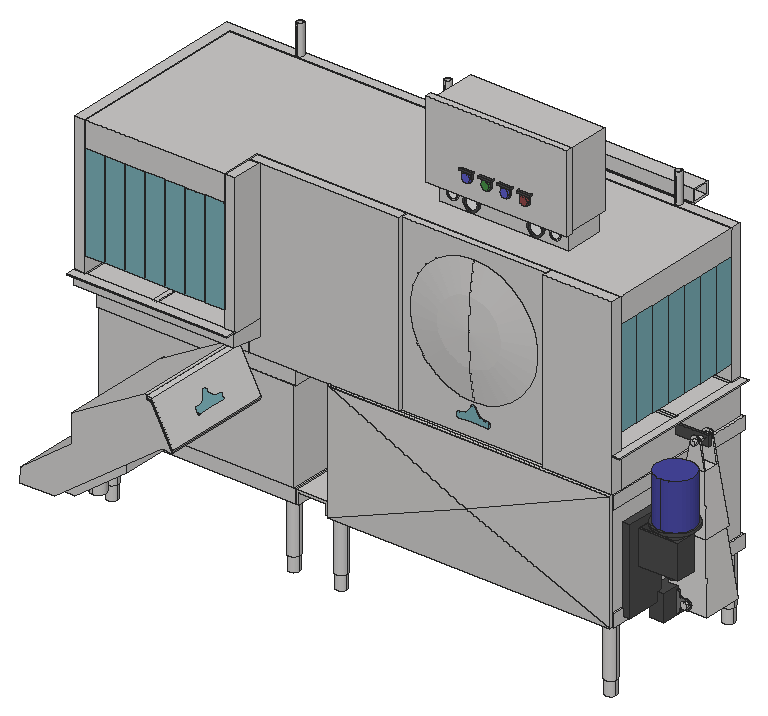
Revit family (continued)
Dimensions and locks (in)
  "Depth": plane 3 "BACK" to plane 54 "FRONT"
  locked: plane 55 to plane 54 "FRONT" at 1.5
  locked: plane 56 to plane 54 "FRONT" at 0.1875
  locked: plane 54 "FRONT" to plane 59 at 10
  locked: plane 54 "FRONT" to plane 57 at 3.0625
  locked: plane 58 to plane 57 at 3.875
  locked: plane 59 to plane 60 at 0.125
  locked: plane 50 "LEFT" to plane 61 at 1.625
  locked: plane 61 to plane 62 at 21.75
  locked: plane 62 to plane 63 at 1.625
  plane 6 "Front of 44" to plane 64 = 0' - 0 13/16"
  plane 65 to plane 64 = 1' - 5 3/16"
  locked: plane 50 "LEFT" to plane 68 at 10.125
  locked: plane 68 to plane 69 at 4
  plane 70 to plane 3 "BACK" = 0' - 3"
  locked: plane 70 to plane 71 at 29
  locked: plane 50 "LEFT" to plane 72 at 5.5
  Extrusion 65 sketch curve to plane 5 "RIGHT" = 2' - 4"
  locked: plane 73 to level at 8.5
  Extrusion 61 sketch curve to plane 5 "RIGHT" = 0' - 9"
  plane 50 "LEFT" to Extrusion 102 sketch curve = 1' - 0"
  plane 50 "LEFT" to Extrusion 101 sketch curve = 2' - 11"
  locked: plane 74 to plane 50 "LEFT" at 1
  equal spacing: plane 24, plane 23 "Door Center", plane 25
  locked: plane 24 to plane 75 at 0.25
  locked: plane 76 to plane 25 at 0.25
  locked: plane 23 "Door Center" to plane 78 at 0.0625
  locked: plane 79 to plane 23 "Door Center" at 0.0625
  locked: plane 23 "Door Center" to plane 77 at 1.4375
  locked: plane 80 to plane 23 "Door Center" at 1.4375
  plane 65 to plane 54 "FRONT" = 1' - 1 1/4"
  aligned and locked: level to plane 1
  aligned and locked: Extrusion 1 sketch curve to plane 18
  aligned and locked: Extrusion 1 sketch curve to plane 19
  aligned and locked: plane 20 to Extrusion 1 sketch curve
  aligned and locked: Extrusion 1 to plane 12 "Bottom of Machine"
  aligned and locked: plane 16 to Extrusion 1
  aligned and locked: plane 2 "Left of 44" to Extrusion 2 sketch curve
  aligned and locked: Extrusion 2 sketch curve to plane 5 "RIGHT"
  aligned and locked: plane 6 "Front of 44" to Extrusion 2 sketch curve
  aligned and locked: plane 3 "BACK" to Extrusion 2 sketch curve
  aligned: plane 15 "Panel Top" to Extrusion 2
  aligned and locked: Extrusion 2 to plane 16
  aligned and locked: plane 5 "RIGHT" to Extrusion 3 sketch curve
  aligned and locked: plane 6 "Front of 44" to Extrusion 3 sketch curve
  aligned and locked: plane 9 "Right of Ledge" to Extrusion 3 sketch curve
  aligned and locked: plane 3 "BACK" to Extrusion 3 sketch curve
  aligned and locked: plane 3 "BACK" to Extrusion 4 sketch curve
  aligned and locked: Extrusion 4 sketch curve to plane 22
  aligned: Extrusion 4 to plane 15 "Panel Top"
  aligned and locked: plane 3 "BACK" to Extrusion 5 sketch curve
  aligned and locked: plane 21 to Extrusion 5 sketch curve
  aligned and locked: Extrusion 6 sketch curve to plane 5 "RIGHT"
  aligned and locked: Extrusion 6 sketch curve to plane 22
  aligned and locked: Extrusion 6 sketch curve to plane 21
  aligned and locked: plane 3 "BACK" to Extrusion 7 sketch curve
  aligned and locked: plane 21 to Extrusion 7 sketch curve
  aligned and locked: Extrusion 7 sketch curve to plane 5 "RIGHT"
  aligned and locked: Extrusion 7 to plane 13 "Table Height"
  aligned and locked: Extrusion 6 to plane 26 "Top of Opening"
  aligned and locked: plane 2 "Left of 44" to Blend 8 sketch curve
  aligned and locked: plane 12 "Bottom of Machine" to Blend 8 sketch curve
  aligned and locked: Blend 8 sketch curve to plane 15 "Panel Top"
  aligned and locked: Blend 8 sketch curve to plane 5 "RIGHT"
  aligned and locked: plane 6 "Front of 44" to Extrusion 1 sketch curve
  aligned and locked: plane 2 "Left of 44" to Extrusion 9 sketch curve
  aligned and locked: Extrusion 9 sketch curve to plane 6 "Front of 44"
  aligned and locked: plane 17 to Extrusion 9 sketch curve
  aligned and locked: Extrusion 9 sketch curve to plane 5 "RIGHT"
  aligned and locked: Extrusion 9 to plane 12 "Bottom of Machine"
  aligned and locked: plane 15 "Panel Top" to Extrusion 9
  aligned and locked: plane 25 to Extrusion 10 sketch curve
  aligned and locked: Extrusion 10 sketch curve to plane 14 "Top of Machine"
  aligned and locked: Extrusion 10 sketch curve to plane 5 "RIGHT"
  aligned and locked: plane 15 "Panel Top" to Extrusion 10 sketch curve
  aligned and locked: Extrusion 10 to plane 22
  aligned and locked: Extrusion 11 sketch curve to plane 25
  aligned and locked: plane 22 to Extrusion 11 sketch curve
  aligned and locked: plane 24 to Extrusion 11 sketch curve
  aligned and locked: Extrusion 11 to plane 15 "Panel Top"
  aligned and locked: plane 27 to Extrusion 13
  aligned and locked: Extrusion 14 to plane 27
  aligned and locked: plane 12 "Bottom of Machine" to Extrusion 14
  aligned and locked: plane 22 to Extrusion 21 sketch curve
  aligned and locked: plane 5 "RIGHT" to Extrusion 21 sketch curve  (x7)
  aligned and locked: plane 21 to Extrusion 21 sketch curve
  aligned and locked: Extrusion 22 sketch curve to plane 33
  aligned and locked: plane 32 "Front of Lower Panel" to Extrusion 22 sketch curve
  aligned and locked: plane 28 to Extrusion 22 sketch curve
  aligned and locked: plane 29 to Extrusion 22 sketch curve
  aligned and locked: Extrusion 23 sketch curve to plane 35 "Back of Panel"
  aligned and locked: plane 34 to Extrusion 23 sketch curve
  aligned and locked: plane 37 to Extrusion 23 sketch curve
  aligned and locked: Extrusion 23 sketch curve to plane 38
  aligned and locked: Extrusion 24 sketch curve to plane 34
  aligned and locked: plane 36 "Front of Upper Panel" to Extrusion 24 sketch curve
  aligned and locked: plane 30 to Extrusion 24 sketch curve
  aligned and locked: Extrusion 24 sketch curve to plane 31
  aligned and locked: Extrusion 27 sketch curve to Extrusion 26  (x2)
  aligned and locked: Extrusion 28 sketch curve to Extrusion 25  (x2)
  aligned and locked: Extrusion 31 sketch curve to Extrusion 30  (x2)
  aligned and locked: Extrusion 32 sketch curve to Extrusion 29  (x2)
  aligned and locked: Extrusion 40 sketch curve to plane 14 "Top of Machine"
  aligned and locked: Extrusion 40 sketch curve to plane 6 "Front of 44"
  aligned and locked: plane 22 to Extrusion 40 sketch curve
  aligned and locked: plane 21 to Extrusion 40 sketch curve
  aligned and locked: plane 3 "BACK" to Extrusion 40 sketch curve
  aligned and locked: plane 6 "Front of 44" to Extrusion 41 sketch curve
  aligned and locked: Extrusion 41 sketch curve to plane 14 "Top of Machine"
  aligned and locked: plane 3 "BACK" to Extrusion 41 sketch curve
  aligned and locked: plane 21 to Extrusion 41 sketch curve
  aligned and locked: plane 26 "Top of Opening" to Extrusion 41 sketch curve
  aligned and locked: plane 22 to Extrusion 41 sketch curve
  aligned and locked: Extrusion 41 to plane 39
  aligned and locked: plane 39 to Extrusion 40
  aligned and locked: Extrusion 42 sketch curve to plane 11
  aligned and locked: plane 40 to Extrusion 42 sketch curve
  aligned and locked: plane 41 to Extrusion 42 sketch curve
  aligned and locked: Extrusion 42 sketch curve to plane 42
  aligned and locked: Extrusion 43 sketch curve to Extrusion 42  (x4)
  aligned and locked: Extrusion 47 sketch curve to Extrusion 45
  aligned and locked: Blend 48 sketch curve to Extrusion 47  (x2)
  aligned and locked: Extrusion 57 sketch curve to Extrusion 55  (x2)
  aligned and locked: Extrusion 44 to plane 5 "RIGHT"
  aligned and locked: Extrusion 51 to plane 5 "RIGHT"
  aligned: nested 1 to cut or joined group of Extrusion 40, Extrusion 43
  aligned and locked: plane 11 to nested 1
  aligned and locked: plane 40 to nested 1
  aligned and locked: plane 42 to nested 1
  aligned and locked: nested 1 to plane 41
  aligned and locked: Extrusion 62 to plane 44
  aligned and locked: Extrusion 62 to plane 45
  aligned and locked: Extrusion 63 to plane 45
  aligned and locked: Extrusion 63 to plane 44
  aligned and locked: plane 3 "BACK" to curve 1
  aligned and locked: curve 3 to plane 5 "RIGHT"
  aligned and locked: plane 6 "Front of 44" to curve 2
  aligned and locked: curve 5 to plane 10 "Right End Cowl"
  aligned and locked: plane 44 to curve 7
  aligned and locked: plane 45 to curve 9
  aligned and locked: curve 8 to plane 46
  aligned and locked: plane 9 "Right of Ledge" to curve 10
  aligned and locked: curve 11 to plane 35 "Back of Panel"
  aligned and locked: plane 34 to curve 13
  aligned and locked: plane 37 to curve 12
  aligned and locked: curve 14 to plane 38
  aligned and locked: plane 30 to curve 18
  aligned and locked: plane 36 "Front of Upper Panel" to curve 17
  aligned and locked: curve 16 to plane 31
  aligned and locked: plane 42 to curve 22
  aligned and locked: curve 23 to plane 40
  aligned and locked: plane 11 to curve 21
  aligned and locked: curve 20 to plane 41
  aligned and locked: Extrusion 66 sketch curve to plane 18  (x2)
  aligned and locked: plane 48 to Extrusion 66 sketch curve
  aligned and locked: plane 45 to Extrusion 66 sketch curve
  aligned and locked: Extrusion 66 sketch curve to plane 46
  aligned and locked: plane 44 to Extrusion 66 sketch curve
  aligned: plane 43 "Top of Vents" to Extrusion 66
  aligned and locked: plane 4 "TOP" to Extrusion 66
  aligned and locked: plane 14 "Top of Machine" to Extrusion 67 sketch curve
  aligned and locked: Extrusion 67 sketch curve to plane 25
  aligned and locked: plane 24 to Extrusion 67 sketch curve
  aligned and locked: Extrusion 67 sketch curve to plane 49
  aligned and locked: Extrusion 67 to plane 22
  aligned and locked: Extrusion 66 sketch curve to plane 9 "Right of Ledge"
  aligned and locked: Extrusion 68 sketch curve to plane 48
  aligned and locked: Extrusion 68 sketch curve to plane 9 "Right of Ledge"
  aligned and locked: plane 18 to Extrusion 68 sketch curve
  aligned and locked: Extrusion 68 sketch curve to plane 10 "Right End Cowl"
  aligned and locked: plane 4 "TOP" to Extrusion 68
  aligned and locked: curve 26 to plane 10 "Right End Cowl"
  aligned and locked: curve 25 to plane 48
  aligned and locked: Extrusion 4 sketch curve to plane 5 "RIGHT"
  aligned and locked: Extrusion 5 sketch curve to plane 5 "RIGHT"  (x2)
  aligned and locked: plane 52 to Extrusion 76 sketch curve
  aligned and locked: plane 50 "LEFT" to Extrusion 76 sketch curve
  aligned and locked: plane 54 "FRONT" to Extrusion 7 sketch curve
  aligned and locked: plane 50 "LEFT" to Extrusion 7 sketch curve
  aligned and locked: Extrusion 7 sketch curve to plane 61
  aligned and locked: plane 50 "LEFT" to Extrusion 4 sketch curve
  aligned and locked: plane 50 "LEFT" to Extrusion 5 sketch curve
  aligned and locked: plane 61 to Extrusion 5 sketch curve
  aligned and locked: Extrusion 5 sketch curve to plane 54 "FRONT"
  aligned: Extrusion 4 sketch curve to plane 42
  aligned and locked: Extrusion 79 sketch curve to plane 24
  aligned and locked: plane 6 "Front of 44" to Extrusion 79 sketch curve
  aligned and locked: plane 22 to Extrusion 79 sketch curve
  aligned and locked: plane 62 to Extrusion 79 sketch curve
  aligned and locked: plane 54 "FRONT" to Extrusion 80 sketch curve
  aligned and locked: Extrusion 80 sketch curve to plane 63
  aligned and locked: plane 62 to Extrusion 80 sketch curve
  aligned and locked: Extrusion 80 sketch curve to plane 6 "Front of 44"
  aligned and locked: plane 62 to Extrusion 6 sketch curve
  aligned and locked: Extrusion 6 sketch curve to plane 54 "FRONT"
  aligned and locked: plane 67 to Extrusion 90 sketch curve
  aligned and locked: plane 68 to Extrusion 90 sketch curve
  aligned and locked: Extrusion 90 sketch curve to plane 66
  aligned and locked: Extrusion 90 sketch curve to plane 69
  aligned and locked: plane 64 to Extrusion 90
  aligned and locked: Extrusion 95 sketch curve to Extrusion 65  (x2)
  aligned and locked: Extrusion 97 sketch curve to Extrusion 96  (x2)
  aligned and locked: plane 54 "FRONT" to Extrusion 103 sketch curve
  aligned and locked: plane 74 to Extrusion 103 sketch curve
  aligned and locked: Extrusion 103 sketch curve to plane 51
  aligned and locked: Extrusion 103 sketch curve to plane 18
  aligned and locked: plane 75 to Extrusion 106 sketch curve
  aligned and locked: Extrusion 106 sketch curve to plane 79
  aligned and locked: plane 22 to Extrusion 106 sketch curve
  aligned and locked: plane 6 "Front of 44" to Extrusion 106 sketch curve
  aligned and locked: plane 6 "Front of 44" to Extrusion 107 sketch curve
  aligned and locked: Extrusion 107 sketch curve to plane 76
  aligned and locked: plane 22 to Extrusion 107 sketch curve
  aligned and locked: plane 78 to Extrusion 107 sketch curve
  aligned and locked: Extrusion 106 to plane 15 "Panel Top"
  aligned and locked: Extrusion 107 to plane 15 "Panel Top"
  aligned and locked: curve 59 to plane 24
  aligned and locked: curve 61 to plane 25
Automatic sketch dimensions
  Extrusion 4 sketch curve to plane 6 "Front of 44" = 0' - 0"
  Extrusion 4 sketch curve to plane 62 = 0' - 0"
  Extrusion 5 sketch curve to Extrusion 5 sketch curve = 0' - 0"  (x2)
  Extrusion 5 sketch curve to plane 54 "FRONT" = 0' - 0"
  plane 32 "Front of Lower Panel" to Extrusion 5 sketch curve = 0' - 2 3/4"
  Extrusion 5 sketch curve to plane 33 = 0' - 0 1/4"
  plane 33 to Extrusion 5 sketch curve = 0' - 0 1/4"
  Extrusion 5 sketch curve to plane 69 = 0' - 1 5/8"
  Extrusion 6 sketch curve to plane 61 = 0' - 0"
  Blend 8 sketch curve to plane 66 = 0' - 0 1/32"
  plane 66 to Blend 8 sketch curve = 0' - 0 1/32"
  Extrusion 25 sketch curve to Extrusion 25 sketch curve = 0' - 0"  (x2)
  Extrusion 26 sketch curve to Extrusion 26 sketch curve = 0' - 0"  (x2)
  Extrusion 29 sketch curve to Extrusion 29 sketch curve = 0' - 0"  (x2)
  Extrusion 30 sketch curve to Extrusion 30 sketch curve = 0' - 0"  (x2)
  Extrusion 33 sketch curve to Extrusion 33 sketch curve = 0' - 2"  (x3)
  Extrusion 33 sketch curve to Extrusion 33 sketch curve = 0' - 1"  (x2)
  Extrusion 33 sketch curve to plane 23 "Door Center" = 0' - 0 1/2"
  plane 23 "Door Center" to Extrusion 33 sketch curve = 0' - 0 1/2"
  plane 43 "Top of Vents" to Extrusion 33 sketch curve = 0' - 3"
  Extrusion 33 sketch curve to Extrusion 33 sketch curve = 0' - 0 1/4"  (x5)
  Extrusion 33 sketch curve to Extrusion 33 sketch curve = 0' - 0"
  Extrusion 38 sketch curve to Extrusion 38 sketch curve = 0' - 0 3/4"  (x4)
  Extrusion 38 sketch curve to Extrusion 38 sketch curve = 0' - 1 1/2"  (x2)
  plane 23 "Door Center" to Extrusion 38 sketch curve = 0' - 0 3/4"
  plane 43 "Top of Vents" to Extrusion 38 sketch curve = 0' - 1 7/8"  (x2)
  Extrusion 38 sketch curve to Extrusion 38 sketch curve = 0' - 0"
  Extrusion 38 sketch curve to Extrusion 38 sketch curve = 0' - 0 7/8"  (x4)
  Extrusion 42 sketch curve to plane 42 = 0' - 0 1/8"
  plane 41 to Extrusion 42 sketch curve = 0' - 0 1/8"
  Extrusion 42 sketch curve to plane 11 = 0' - 0 1/8"
  plane 40 to Extrusion 42 sketch curve = 0' - 0 1/8"
  Extrusion 46 sketch curve to plane 36 "Front of Upper Panel" = 0' - 0 3/16"
  Blend 48 sketch curve to plane 36 "Front of Upper Panel" = 0' - 0 3/16"
  Extrusion 49 sketch curve to plane 36 "Front of Upper Panel" = 0' - 0 3/16"
  Extrusion 50 sketch curve to plane 36 "Front of Upper Panel" = 0' - 0 3/16"
  Blend 58 sketch curve to plane 9 "Right of Ledge" = 0' - 0 5/16"
  Blend 58 sketch curve to plane 33 = 0' - 2 1/4"
  plane 35 "Back of Panel" to Blend 58 sketch curve = 0' - 1 3/4"
  Blend 58 sketch curve to plane 40 = 0' - 0 1/4"
  Blend 58 sketch curve to plane 11 = 0' - 0 1/4"
  Blend 58 sketch curve to plane 33 = 0' - 1 1/4"
  plane 35 "Back of Panel" to Blend 58 sketch curve = 0' - 0 3/4"
  Blend 58 sketch curve to plane 40 = 0' - 1 1/4"
  plane 40 to Blend 59 sketch curve = 0' - 0 1/2"
  plane 32 "Front of Lower Panel" to Blend 59 sketch curve = 0' - 3"
  plane 35 "Back of Panel" to Blend 59 sketch curve = 0' - 2 1/2"
  plane 9 "Right of Ledge" to Blend 59 sketch curve = 0' - 0 7/16"
  Blend 59 sketch curve to plane 9 "Right of Ledge" = 0' - 0 9/16"
  Blend 59 sketch curve to plane 33 = 0' - 2"
  plane 35 "Back of Panel" to Blend 59 sketch curve = 0' - 1 1/2"
  Blend 59 sketch curve to plane 40 = 0' - 0 1/2"
  Extrusion 62 sketch curve to plane 47 = 0' - 0"
  Extrusion 62 sketch curve to plane 14 "Top of Machine" = 0' - 0"
  Extrusion 62 sketch curve to plane 46 = 0' - 0"
  Extrusion 62 sketch curve to plane 46 = 0' - 0 1/8"
  Extrusion 62 sketch curve to plane 18 = 0' - 0 1/8"
  Extrusion 62 sketch curve to Extrusion 62 sketch curve = 0' - 0 1/8"
  plane 14 "Top of Machine" to Extrusion 62 sketch curve = 0' - 0 1/8"
  Extrusion 62 sketch curve to plane 47 = 0' - 0 1/8"
  Extrusion 63 sketch curve to plane 3 "BACK" = 0' - 0"
  Extrusion 63 sketch curve to plane 14 "Top of Machine" = 0' - 0"
  Extrusion 63 sketch curve to plane 3 "BACK" = 0' - 0 1/4"
  Extrusion 63 sketch curve to Extrusion 63 sketch curve = 0' - 0 1/8"
  Extrusion 66 sketch curve to plane 74 = 0' - 0"
  Extrusion 69 sketch curve to plane 54 "FRONT" = 0' - 0"
  Extrusion 69 sketch curve to plane 63 = 0' - 0"
  Extrusion 69 sketch curve to plane 50 "LEFT" = 0' - 0"
  plane 55 to Extrusion 69 sketch curve = 0' - 0"
  plane 57 to Extrusion 72 sketch curve = 0' - 0"
  plane 58 to Extrusion 72 sketch curve = 0' - 0"
  Extrusion 72 sketch curve to plane 63 = 0' - 0 1/16"
  Extrusion 72 sketch curve to Extrusion 72 sketch curve = 0' - 0 1/8"
  plane 50 "LEFT" to Extrusion 72 sketch curve = 0' - 0 3/16"
  plane 50 "LEFT" to Extrusion 72 sketch curve = 0' - 0 1/16"
  plane 57 to Extrusion 72 sketch curve = 0' - 0 1/8"
  Extrusion 72 sketch curve to plane 58 = 0' - 0 1/8"
  Extrusion 73 sketch curve to plane 6 "Front of 44" = 0' - 0"
  Extrusion 73 sketch curve to plane 18 = 0' - 0"
  Extrusion 73 sketch curve to plane 20 = 0' - 0"
  Extrusion 73 sketch curve to plane 19 = 0' - 0"
  Extrusion 74 sketch curve to plane 6 "Front of 44" = 0' - 0"
  Extrusion 74 sketch curve to plane 18 = 0' - 0"
  Extrusion 74 sketch curve to plane 53 = 0' - 0"
  Extrusion 74 sketch curve to plane 51 = 0' - 0"
  Extrusion 75 sketch curve to plane 6 "Front of 44" = 0' - 0"
  Extrusion 75 sketch curve to plane 18 = 0' - 0"
  Extrusion 75 sketch curve to plane 53 = 0' - 0"
  Extrusion 75 sketch curve to plane 51 = 0' - 0"
  Extrusion 76 sketch curve to plane 6 "Front of 44" = 0' - 0"
  plane 3 "BACK" to Extrusion 76 sketch curve = 0' - 0"
  Extrusion 77 sketch curve to plane 54 "FRONT" = 0' - 0"  (x7)
  Extrusion 77 sketch curve to plane 62 = 0' - 0"
  Extrusion 77 sketch curve to plane 69 = 0' - 0"
  Extrusion 77 sketch curve to plane 61 = 0' - 0"
  plane 62 to Extrusion 77 sketch curve = 0' - 3"
  Extrusion 77 sketch curve to Extrusion 77 sketch curve = 0' - 0 1/8"  (x8)
  Extrusion 77 sketch curve to Extrusion 77 sketch curve = 0' - 3"
  Extrusion 77 sketch curve to plane 54 "FRONT" = 0' - 0 1/8"  (x3)
  plane 68 to Extrusion 77 sketch curve = 0' - 0 7/8"
  Extrusion 77 sketch curve to plane 68 = 0' - 2 1/4"
  plane 72 to Extrusion 77 sketch curve = 0' - 0 3/4"
  Extrusion 77 sketch curve to Extrusion 77 sketch curve = 0' - 0"  (x2)
  plane 52 to Extrusion 81 sketch curve = 0' - 0 3/4"
  plane 21 to Extrusion 81 sketch curve = 0' - 0 5/8"
  plane 52 to Extrusion 82 sketch curve = 0' - 0 3/4"
  plane 21 to Extrusion 82 sketch curve = 0' - 0 5/8"
  Extrusion 85 sketch curve to plane 61 = 0' - 0 3/8"
  plane 21 to Extrusion 85 sketch curve = 0' - 0 5/8"
  Extrusion 86 sketch curve to plane 61 = 0' - 0 3/8"
  plane 21 to Extrusion 86 sketch curve = 0' - 0 5/8"
  plane 71 to Extrusion 94 sketch curve = 0' - 0.19589"
  Extrusion 94 sketch curve to plane 71 = 0' - 0.05553"
  Extrusion 94 sketch curve to plane 71 = 0' - 0.05894"
  Extrusion 94 sketch curve to plane 71 = 0' - 0.35898"
  plane 57 to Extrusion 94 sketch curve = 0' - 0.87828"
  plane 57 to Extrusion 94 sketch curve = 0' - 1.06985"
  Extrusion 94 sketch curve to Extrusion 94 sketch curve = 0' - 0.41934"
  plane 57 to Extrusion 94 sketch curve = 0' - 1.48954"
  Extrusion 94 sketch curve to Extrusion 94 sketch curve = 0' - 0.42496"
  Extrusion 94 sketch curve to Extrusion 94 sketch curve = 0' - 0"  (x2)
  Extrusion 94 sketch curve to Extrusion 94 sketch curve = 0' - 1.22253"
  Extrusion 94 sketch curve to plane 58 = 0' - 0.44239"
  Extrusion 94 sketch curve to plane 58 = 0' - 0.14236"
  Extrusion 94 sketch curve to plane 58 = 0' - 0.13895"
  plane 58 to Extrusion 94 sketch curve = 0' - 0.11247"
  Extrusion 94 sketch curve to Extrusion 94 sketch curve = 0' - 11.90119"
  Extrusion 94 sketch curve to Extrusion 94 sketch curve = 0' - 0.08323"
  Extrusion 94 sketch curve to Extrusion 94 sketch curve = 0' - 0.48493"  (x2)
  Extrusion 94 sketch curve to Extrusion 94 sketch curve = 0' - 1.96861"
  Extrusion 96 sketch curve to Extrusion 96 sketch curve = 0' - 0"  (x2)
  Extrusion 96 sketch curve to plane 71 = 0' - 0"
  Extrusion 96 sketch curve to plane 72 = 0' - 0"
  Extrusion 98 sketch curve to Extrusion 98 sketch curve = 0' - 0"  (x2)
  Extrusion 98 sketch curve to plane 72 = 0' - 0"
  Extrusion 98 sketch curve to plane 73 = 0' - 0"
  Extrusion 99 sketch curve to Extrusion 99 sketch curve = 0' - 0"  (x2)
  Extrusion 99 sketch curve to plane 70 = 0' - 0"
  Extrusion 99 sketch curve to plane 73 = 0' - 0"
  Extrusion 100 sketch curve to plane 70 = 0' - 0"
  Extrusion 100 sketch curve to plane 73 = 0' - 0"
  Extrusion 101 sketch curve to Extrusion 101 sketch curve = 0' - 0"  (x2)
  Extrusion 101 sketch curve to plane 41 = 0' - 0 11/16"
  Extrusion 102 sketch curve to Extrusion 102 sketch curve = 0' - 0"  (x2)
  Extrusion 102 sketch curve to plane 41 = 0' - 0 11/16"
  plane 59 to Extrusion 104 sketch curve = 0' - 0"
  Extrusion 104 sketch curve to plane 74 = 0' - 0"
  Extrusion 104 sketch curve to plane 51 = 0' - 0"
  Extrusion 104 sketch curve to plane 35 "Back of Panel" = 1' - 5 3/4"
  plane 59 to curve 29 = 0' - 0"
  plane 58 to curve 32 = 0' - 0"
  plane 57 to curve 33 = 0' - 0"
  curve 29 to plane 63 = 0' - 0"
  curve 27 to plane 50 "LEFT" = 0' - 0"
  curve 27 to plane 54 "FRONT" = 0' - 0"
  curve 5 to plane 6 "Front of 44" = 0' - 0"
  plane 3 "BACK" to curve 10 = 0' - 0"
  curve 2 to plane 63 = 0' - 0"
  curve 1 to plane 50 "LEFT" = 0' - 0"
  plane 56 to curve 29 = 0' - 0 1/16"
  curve 32 to plane 63 = 0' - 0 1/16"
  plane 50 "LEFT" to curve 30 = 0' - 0 1/16"
  Extrusion 105 sketch curve to plane 58 = 0' - 0 1/8"
  plane 57 to Extrusion 105 sketch curve = 0' - 0 1/8"
  Extrusion 105 sketch curve to plane 63 = 0' - 0 3/16"
  plane 50 "LEFT" to Extrusion 105 sketch curve = 0' - 0 3/16"
  Extrusion 110 sketch curve to plane 24 = 0' - 0.00995"
  Extrusion 110 sketch curve to plane 6 "Front of 44" = 0' - 0.24744"
  Extrusion 111 sketch curve to plane 24 = 0' - 0.00995"
  Extrusion 111 sketch curve to plane 6 "Front of 44" = 0' - 0.24744"
  Extrusion 112 sketch curve to plane 25 = 0' - 0.00995"
  Extrusion 112 sketch curve to plane 6 "Front of 44" = 0' - 0.24744"
  Extrusion 113 sketch curve to plane 25 = 0' - 0.00995"
  Extrusion 113 sketch curve to plane 6 "Front of 44" = 0' - 0.24744"
  curve 61 to plane 6 "Front of 44" = 0' - 0"
  curve 59 to plane 6 "Front of 44" = 0' - 0"
  curve 62 to plane 6 "Front of 44" = 0' - 0.00464"
  curve 60 to curve 59 = 0' - 0.00464"
  plane 65 to curve 62 = 0' - 0 1/8"
  plane 65 to curve 60 = 0' - 0 1/8"
  curve 24 to plane 74 = 0' - 0"
  plane 3 "BACK" to curve 36 = 0' - 0"
  curve 36 to plane 50 "LEFT" = 0' - 0"
  plane 65 to curve 46 = 0' - 0"
  plane 57 to curve 44 = 0' - 0"
  plane 59 to curve 45 = 0' - 0"
  plane 59 to curve 49 = 0' - 0"
  plane 57 to curve 50 = 0' - 0"
  plane 55 to curve 37 = 0' - 0"
  curve 37 to plane 63 = 0' - 0"
  plane 64 to curve 47 = 0' - 0"
  plane 22 to curve 40 = 0' - 0"
  curve 40 to plane 24 = 0' - 0"
  curve 43 to plane 25 = 0' - 0"
  curve 25 to plane 9 "Right of Ledge" = 0' - 0"
  plane 59 to curve 35 = 0' - 0"
  curve 38 to plane 54 "FRONT" = 0' - 0"
  curve 35 to plane 54 "FRONT" = 0' - 0"
  curve 37 to plane 6 "Front of 44" = 0' - 0"
  curve 40 to plane 6 "Front of 44" = 0' - 0"
  curve 42 to plane 6 "Front of 44" = 0' - 0"
  curve 26 to plane 18 = 0' - 0"
  plane 61 to curve 46 = 0' - 0 1/2"
  curve 49 to plane 62 = 0' - 1.59828"
  plane 63 to curve 46 = 0' - 0.92367"
  plane 42 to curve 43 = 0' - 0 7/16"
  Revolve 12 sketch curve to plane 17 = 0' - 0"
  Revolve 12 sketch curve to plane 58 = 0' - 0 7/16"
  plane 42 to Revolve 12 sketch curve = 0' - 0 7/16"
  plane 32 "Front of Lower Panel" to Revolve 12 sketch curve = 0' - 2 3/4"
  Revolve 12 sketch curve to plane 26 "Top of Opening" = 0' - 7.74993"
  plane 48 to Revolve 12 sketch curve = 1' - 5.49935"
  Revolve 12 sketch curve to plane 26 "Top of Opening" = 0' - 8"  (x2)
  Extrusion 21 sketch curve to plane 36 "Front of Upper Panel" = 0' - 0 3/8"
  Extrusion 21 sketch curve to Extrusion 21 sketch curve = 0' - 0 1/8"  (x10)
  plane 32 "Front of Lower Panel" to Extrusion 21 sketch curve = 0' - 1 1/4"
  Extrusion 21 sketch curve to plane 33 = 0' - 1 5/8"
  Extrusion 21 sketch curve to plane 5 "RIGHT" = 0' - 0 1/8"  (x3)
  plane 35 "Back of Panel" to Extrusion 21 sketch curve = 0' - 1"
  Extrusion 21 sketch curve to Extrusion 21 sketch curve = 0' - 3"
  Extrusion 21 sketch curve to plane 70 = 0' - 1 3/4"
  Extrusion 39 sketch curve to plane 23 "Door Center" = 0' - 0"
  plane 23 "Door Center" to Extrusion 39 sketch curve = 0' - 0.00035"
  plane 78 to Extrusion 39 sketch curve = 0' - 0.35719"
  plane 78 to Extrusion 39 sketch curve = 0' - 0.54876"
  plane 77 to Extrusion 39 sketch curve = 0' - 0.50556"
  plane 77 to Extrusion 39 sketch curve = 0' - 0.8056"
  Extrusion 39 sketch curve to Extrusion 39 sketch curve = 0' - 0.00341"  (x2)
  Extrusion 39 sketch curve to Extrusion 39 sketch curve = 0' - 0.25142"  (x2)
  Extrusion 39 sketch curve to plane 23 "Door Center" = 0' - 0.42461"
  Extrusion 39 sketch curve to Extrusion 39 sketch curve = 0' - 0"
  Extrusion 39 sketch curve to plane 79 = 0' - 0.54876"
  Extrusion 39 sketch curve to plane 80 = 0' - 0.50556"
  Extrusion 39 sketch curve to plane 80 = 0' - 0.8056"
  Extrusion 39 sketch curve to plane 13 "Table Height" = 0' - 2.43574"  (x2)
  Extrusion 39 sketch curve to Extrusion 39 sketch curve = 0' - 0.48493"  (x2)
  Extrusion 39 sketch curve to Extrusion 39 sketch curve = 0' - 0.08323"
  Extrusion 39 sketch curve to plane 66 = 0' - 0.5781"
  Extrusion 40 sketch curve to plane 41 = 0' - 0 1/16"
  plane 42 to Extrusion 40 sketch curve = 0' - 0 1/16"
  Extrusion 40 sketch curve to plane 14 "Top of Machine" = 0' - 0 1/8"
  Extrusion 40 sketch curve to plane 26 "Top of Opening" = 0' - 0.88572"
  Extrusion 40 sketch curve to Extrusion 40 sketch curve = 0' - 0.05178"  (x2)
  Extrusion 40 sketch curve to Extrusion 40 sketch curve = 0' - 1 1/2"  (x2)
  Extrusion 40 sketch curve to Extrusion 40 sketch curve = 0' - 0.17678"  (x2)
  plane 13 "Table Height" to Extrusion 40 sketch curve = 0' - 5.17678"
  Extrusion 41 sketch curve to plane 26 "Top of Opening" = 0' - 0 15/16"
  Extrusion 41 sketch curve to Extrusion 41 sketch curve = 0' - 1 5/8"  (x2)
  plane 13 "Table Height" to Extrusion 41 sketch curve = 0' - 5 1/8"
  plane 20 to Extrusion 44 sketch curve = 0' - 0"
  Extrusion 44 sketch curve to plane 5 "RIGHT" = 0' - 0"
  Extrusion 44 sketch curve to plane 16 = 0' - 0"
  plane 12 "Bottom of Machine" to Extrusion 44 sketch curve = 0' - 0 15/16"
  plane 67 to Extrusion 44 sketch curve = 0' - 0 11/16"
  Extrusion 45 sketch curve to plane 22 = 0' - 1 5/8"
  Extrusion 45 sketch curve to plane 40 = 0' - 0 11/16"
  Extrusion 45 sketch curve to plane 36 "Front of Upper Panel" = 0' - 1 1/2"
  Extrusion 45 sketch curve to plane 36 "Front of Upper Panel" = 0' - 0 3/16"
  Extrusion 45 sketch curve to plane 32 "Front of Lower Panel" = 0' - 0 1/8"
  Extrusion 45 sketch curve to Extrusion 45 sketch curve = 0' - 0 1/4"
  Extrusion 51 sketch curve to plane 5 "RIGHT" = 0' - 0"
  plane 11 to Extrusion 51 sketch curve = 0' - 1 3/16"
  Extrusion 51 sketch curve to plane 40 = 0' - 1 7/16"
  Extrusion 51 sketch curve to plane 13 "Table Height" = 0' - 2 5/16"
  Extrusion 51 sketch curve to Extrusion 51 sketch curve = 0' - 0 3/4"
  Extrusion 51 sketch curve to plane 13 "Table Height" = 0' - 0 13/16"
  Extrusion 52 sketch curve to plane 16 = 0' - 0"
  plane 20 to Extrusion 52 sketch curve = 0' - 0"
  Extrusion 52 sketch curve to plane 5 "RIGHT" = 0' - 0"
  Extrusion 52 sketch curve to plane 11 = 0' - 0 5/16"
  Extrusion 52 sketch curve to plane 73 = 0' - 0 1/16"
  plane 16 to Extrusion 52 sketch curve = 0' - 0 7/16"
  Extrusion 53 sketch curve to Extrusion 53 sketch curve = 0' - 0"  (x2)
  plane 12 "Bottom of Machine" to Extrusion 53 sketch curve = 0' - 0 7/16"
  plane 11 to Extrusion 53 sketch curve = 0' - 1 3/16"
  plane 11 to Extrusion 53 sketch curve = 0' - 0 9/16"  (x2)
  Extrusion 53 sketch curve to plane 12 "Bottom of Machine" = 0' - 0 5/16"
  plane 11 to Extrusion 53 sketch curve = 0' - 0 3/16"  (x2)
  Extrusion 53 sketch curve to plane 11 = 0' - 0 1/16"  (x2)
  Extrusion 53 sketch curve to Extrusion 53 sketch curve = 0' - 0 1/4"
  Extrusion 53 sketch curve to Extrusion 53 sketch curve = 0' - 0 5/16"
  Extrusion 53 sketch curve to plane 16 = 0' - 0 1/8"
  Extrusion 54 sketch curve to Extrusion 54 sketch curve = 0' - 0"  (x2)
  plane 12 "Bottom of Machine" to Extrusion 54 sketch curve = 0' - 0 7/16"
  plane 11 to Extrusion 54 sketch curve = 0' - 1 3/16"
  plane 11 to Extrusion 54 sketch curve = 0' - 0 9/16"  (x2)
  Extrusion 54 sketch curve to plane 12 "Bottom of Machine" = 0' - 0 5/16"
  plane 11 to Extrusion 54 sketch curve = 0' - 0 3/16"  (x2)
  Extrusion 54 sketch curve to plane 11 = 0' - 0 1/16"  (x2)
  Extrusion 54 sketch curve to Extrusion 54 sketch curve = 0' - 0 1/4"
  Extrusion 54 sketch curve to Extrusion 54 sketch curve = 0' - 0 5/16"
  Extrusion 54 sketch curve to plane 16 = 0' - 0 1/8"
  Extrusion 55 sketch curve to Extrusion 55 sketch curve = 0' - 0"  (x6)
  plane 15 "Panel Top" to Extrusion 55 sketch curve = 0' - 0 3/16"
  Extrusion 55 sketch curve to plane 40 = 0' - 1 1/4"
  plane 11 to Extrusion 55 sketch curve = 0' - 1.92562"
  Extrusion 55 sketch curve to Extrusion 55 sketch curve = 0' - 0.36312"  (x2)
  Extrusion 55 sketch curve to Extrusion 55 sketch curve = 0' - 0 3/8"
  Extrusion 55 sketch curve to plane 11 = 0' - 0 1/4"
  Extrusion 55 sketch curve to plane 13 "Table Height" = 0' - 1 9/16"
  Extrusion 55 sketch curve to Extrusion 55 sketch curve = 0' - 0.13295"
  Extrusion 56 sketch curve to Extrusion 56 sketch curve = 0' - 0"  (x6)
  plane 15 "Panel Top" to Extrusion 56 sketch curve = 0' - 0 3/16"
  Extrusion 56 sketch curve to plane 40 = 0' - 1 1/4"
  plane 11 to Extrusion 56 sketch curve = 0' - 1.92562"
  Extrusion 56 sketch curve to Extrusion 56 sketch curve = 0' - 0.36312"  (x2)
  Extrusion 56 sketch curve to Extrusion 56 sketch curve = 0' - 0 3/8"
  Extrusion 56 sketch curve to plane 11 = 0' - 0 1/4"
  Extrusion 56 sketch curve to plane 13 "Table Height" = 0' - 1 9/16"
  Extrusion 56 sketch curve to Extrusion 56 sketch curve = 0' - 0.13295"
  Extrusion 60 sketch curve to Extrusion 60 sketch curve = 0' - 0"  (x2)
  plane 12 "Bottom of Machine" to Extrusion 60 sketch curve = 0' - 0 7/16"
  plane 11 to Extrusion 60 sketch curve = 0' - 1 11/16"
  Extrusion 60 sketch curve to Extrusion 60 sketch curve = 0' - 0 1/2"
  Extrusion 61 sketch curve to Extrusion 61 sketch curve = 0' - 0"  (x2)
  Extrusion 65 sketch curve to Extrusion 65 sketch curve = 0' - 0"  (x2)
  Extrusion 65 sketch curve to plane 70 = 0' - 0"
  Extrusion 70 sketch curve to plane 63 = 0' - 0"
  Extrusion 70 sketch curve to plane 62 = 0' - 0"
  Extrusion 70 sketch curve to plane 61 = 0' - 0"
  Extrusion 70 sketch curve to plane 50 "LEFT" = 0' - 0"
  Extrusion 70 sketch curve to plane 14 "Top of Machine" = 0' - 0"
  Extrusion 70 sketch curve to plane 63 = 0' - 0 1/8"
  plane 50 "LEFT" to Extrusion 70 sketch curve = 0' - 0 1/8"
  Extrusion 70 sketch curve to plane 14 "Top of Machine" = 0' - 0 1/8"
  Extrusion 70 sketch curve to plane 26 "Top of Opening" = 0' - 0.88572"
  Extrusion 70 sketch curve to Extrusion 70 sketch curve = 0' - 0.05178"  (x2)
  Extrusion 70 sketch curve to Extrusion 70 sketch curve = 0' - 1 1/2"  (x2)
  Extrusion 70 sketch curve to Extrusion 70 sketch curve = 0' - 0.17678"  (x2)
  plane 13 "Table Height" to Extrusion 70 sketch curve = 0' - 5.17678"
  Extrusion 71 sketch curve to plane 63 = 0' - 0"
  Extrusion 71 sketch curve to plane 62 = 0' - 0"
  Extrusion 71 sketch curve to plane 61 = 0' - 0"
  Extrusion 71 sketch curve to plane 14 "Top of Machine" = 0' - 0"
  Extrusion 71 sketch curve to plane 50 "LEFT" = 0' - 0"
  Extrusion 71 sketch curve to plane 26 "Top of Opening" = 0' - 0"
  Extrusion 71 sketch curve to plane 26 "Top of Opening" = 0' - 0 15/16"
  Extrusion 71 sketch curve to Extrusion 71 sketch curve = 0' - 1 5/8"  (x2)
  plane 13 "Table Height" to Extrusion 71 sketch curve = 0' - 5 1/8"
  Extrusion 78 sketch curve to plane 56 = 0' - 0"
  Extrusion 78 sketch curve to plane 6 "Front of 44" = 0' - 0"
  Extrusion 78 sketch curve to plane 13 "Table Height" = 0' - 2 3/4"
  Extrusion 78 sketch curve to plane 13 "Table Height" = 0' - 2 1/8"
  Extrusion 78 sketch curve to plane 13 "Table Height" = 0' - 0 1/4"
  Extrusion 83 sketch curve to plane 52 = 0' - 0 3/4"
  Extrusion 83 sketch curve to plane 22 = 0' - 0 5/8"
  Extrusion 84 sketch curve to plane 52 = 0' - 0 3/4"
  Extrusion 84 sketch curve to plane 22 = 0' - 0 5/8"
  plane 61 to Extrusion 87 sketch curve = 0' - 0 3/8"
  Extrusion 87 sketch curve to plane 22 = 0' - 0 5/8"
  plane 61 to Extrusion 88 sketch curve = 0' - 0 3/8"
  Extrusion 88 sketch curve to plane 22 = 0' - 0 5/8"
  Extrusion 89 sketch curve to plane 12 "Bottom of Machine" = 0' - 0"  (x2)
  plane 53 to Extrusion 89 sketch curve = 0' - 0"
  plane 19 to Extrusion 89 sketch curve = 0' - 0"
  Extrusion 89 sketch curve to plane 16 = 0' - 0"
  Extrusion 89 sketch curve to plane 53 = 0' - 0 3/8"
  Extrusion 89 sketch curve to Extrusion 89 sketch curve = 0' - 0 3/8"
  Extrusion 89 sketch curve to plane 16 = 0' - 0 3/8"
  plane 68 to Extrusion 91 sketch curve = 0' - 0"
  Extrusion 91 sketch curve to plane 62 = 0' - 1.78578"
  Extrusion 91 sketch curve to Extrusion 91 sketch curve = 0' - 0 3/32"
  Extrusion 91 sketch curve to Extrusion 91 sketch curve = 0' - 0 3/16"
  Extrusion 91 sketch curve to plane 62 = 0' - 0.6823"
  plane 67 to Extrusion 91 sketch curve = 0' - 0.00759"
  Extrusion 91 sketch curve to plane 63 = 0' - 0.78979"
  Extrusion 91 sketch curve to Extrusion 91 sketch curve = 0' - 0.15"
  plane 67 to Extrusion 91 sketch curve = 0' - 0.05118"
  Extrusion 91 sketch curve to Extrusion 91 sketch curve = 0' - 0.20624"
  Extrusion 91 sketch curve to plane 67 = 0' - 0.19293"
  plane 63 to Extrusion 91 sketch curve = 0' - 0.47383"
  plane 67 to Extrusion 91 sketch curve = 0' - 0.05066"
  Extrusion 91 sketch curve to Extrusion 91 sketch curve = 0' - 0.05624"
  plane 67 to Extrusion 91 sketch curve = 0' - 0.16803"
  plane 12 "Bottom of Machine" to Extrusion 91 sketch curve = 0' - 0 3/4"
  plane 72 to Extrusion 91 sketch curve = 0' - 2.03342"
  plane 61 to Extrusion 91 sketch curve = 0' - 0 1/2"
  plane 16 to Extrusion 91 sketch curve = 0' - 1"
  Extrusion 91 sketch curve to plane 66 = 0' - 0 1/4"
  plane 67 to Extrusion 91 sketch curve = 0' - 0 1/8"
  plane 15 "Panel Top" to Extrusion 91 sketch curve = 0' - 0.66948"
  Extrusion 91 sketch curve to Extrusion 91 sketch curve = 0' - 0.29927"
  Extrusion 91 sketch curve to Extrusion 91 sketch curve = 0' - 0.36274"
  Extrusion 92 sketch curve to plane 69 = 0' - 3.20842"
  plane 68 to Extrusion 92 sketch curve = 0' - 0.82074"
  plane 12 "Bottom of Machine" to Extrusion 92 sketch curve = 0' - 0 3/4"
  Extrusion 92 sketch curve to Extrusion 92 sketch curve = 0' - 1.77083"
  Extrusion 92 sketch curve to plane 66 = 0' - 2.47813"
  Extrusion 92 sketch curve to plane 66 = 0' - 1.15"
  plane 67 to Extrusion 93 sketch curve = 0' - 0.25605"
  plane 63 to Extrusion 93 sketch curve = 0' - 0.91636"
  Extrusion 93 sketch curve to Extrusion 93 sketch curve = 0' - 0.05518"  (x2)
  plane 67 to Extrusion 93 sketch curve = 0' - 0.19737"
  Extrusion 93 sketch curve to plane 62 = 0' - 0.63838"
  Extrusion 93 sketch curve to Extrusion 93 sketch curve = 0' - 0.07053"
  Extrusion 93 sketch curve to Extrusion 93 sketch curve = 0' - 0.10142"
  Extrusion 93 sketch curve to Extrusion 93 sketch curve = 0' - 0.16555"
  Extrusion 93 sketch curve to Extrusion 93 sketch curve = 0' - 0.56757"
  Extrusion 93 sketch curve to Extrusion 93 sketch curve = 0' - 0 1/16"
  Extrusion 93 sketch curve to Extrusion 93 sketch curve = 0' - 0 3/32"  (x2)
  plane 15 "Panel Top" to Extrusion 93 sketch curve = 0' - 0.72001"
  Extrusion 93 sketch curve to Extrusion 93 sketch curve = 0' - 0.29251"
  Extrusion 93 sketch curve to Extrusion 93 sketch curve = 0' - 0.31088"
  Extrusion 93 sketch curve to Extrusion 93 sketch curve = 0' - 0.08803"
  Extrusion 93 sketch curve to Extrusion 93 sketch curve = 0' - 0.31898"
  plane 64 to Sweep 108 sketch curve = 0' - 0.30994"
  Sweep 108 sketch curve to plane 17 = 0' - 0.12244"  (x2)
  plane 6 "Front of 44" to Sweep 108 sketch curve = 0' - 0.00256"  (x2)
  plane 13 "Table Height" to Sweep 108 sketch curve = 0' - 3 13/16"
  Sweep 108 sketch curve to plane 26 "Top of Opening" = 0' - 4 15/16"
  Sweep 108 sketch curve to profile plane = 0' - 0"  (x2)
  plane 64 to Sweep 109 sketch curve = 0' - 0.30994"
  Sweep 109 sketch curve to plane 17 = 0' - 0.12244"  (x2)
  plane 6 "Front of 44" to Sweep 109 sketch curve = 0' - 0.00256"  (x2)
  plane 13 "Table Height" to Sweep 109 sketch curve = 0' - 3 13/16"
  Sweep 109 sketch curve to plane 26 "Top of Opening" = 0' - 4 15/16"
  Sweep 109 sketch curve to profile plane = 0' - 0"  (x2)
  plane 64 to curve 56 = 0' - 0.30994"
  plane 64 to curve 51 = 0' - 0.30994"
  plane 6 "Front of 44" to curve 52 = 0' - 0.00256"
  plane 6 "Front of 44" to curve 54 = 0' - 0.00256"
  plane 6 "Front of 44" to curve 55 = 0' - 0.00256"
  plane 6 "Front of 44" to curve 51 = 0' - 0.00256"
  plane 35 "Back of Panel" to curve 65 = 0' - 0 27/256"
  plane 35 "Back of Panel" to curve 65 = 0' - 2.59985"
  curve 64 to plane 39 = 3' - 7.13657"
  curve 64 to plane 70 = 0' - 3.90576"
  curve 63 to plane 10 "Right End Cowl" = 3' - 2.76157"
  curve 65 to plane 39 = 3' - 7.13657"
  plane 29 to curve 63 = 3' - 10.01157"
  plane 77 to curve 56 = 0' - 0.36505"
  curve 56 to plane 77 = 0' - 0.00995"
  plane 80 to curve 52 = 0' - 0.36505"
  curve 53 to plane 80 = 0' - 0.00995"
  plane 6 "Front of 44" to curve 57 = 0' - 0.00196"
  plane 6 "Front of 44" to curve 58 = 0' - 0.00196"
  curve 58 to plane 22 = 0' - 0.00196"
  curve 57 to plane 22 = 0' - 0.00196"
  curve 57 to plane 78 = 0' - 0.00464"
  curve 58 to plane 79 = 0' - 0.00464"
  radius of Extrusion 13 sketch curve = 0' - 0 13/16"
  radius of Extrusion 14 sketch curve = 0' - 0 15/16"
  radius of Extrusion 15 sketch curve = 0' - 0 13/16"
  radius of Extrusion 16 sketch curve = 0' - 0 15/16"
  radius of Extrusion 17 sketch curve = 0' - 0 13/16"
  radius of Extrusion 18 sketch curve = 0' - 0 15/16"
  radius of Extrusion 19 sketch curve = 0' - 0 13/16"
  radius of Extrusion 20 sketch curve = 0' - 0 15/16"
  radius of Extrusion 25 sketch curve = 0' - 1 1/4"
  radius of Extrusion 25 sketch curve = 0' - 1"
  radius of Extrusion 26 sketch curve = 0' - 0 3/4"
  radius of Extrusion 26 sketch curve = 0' - 0 7/8"
  radius of Extrusion 29 sketch curve = 0' - 1 1/4"
  radius of Extrusion 29 sketch curve = 0' - 1"
  radius of Extrusion 30 sketch curve = 0' - 0 3/4"
  radius of Extrusion 30 sketch curve = 0' - 0 7/8"
  radius of Extrusion 34 sketch curve = 0' - 0 5/8"
  radius of Extrusion 35 sketch curve = 0' - 0 5/8"
  radius of Extrusion 36 sketch curve = 0' - 0 5/8"
  radius of Extrusion 37 sketch curve = 0' - 0 5/8"
  radius of Extrusion 46 sketch curve = 0' - 1 1/16"
  radius of Blend 48 sketch curve = 0' - 2 1/16"
  radius of Extrusion 49 sketch curve = 0' - 3 1/4"
  radius of Extrusion 50 sketch curve = 0' - 2 7/8"
  radius of Extrusion 64 sketch curve = 0' - 0 1/4"
  radius of Extrusion 81 sketch curve = 0' - 0 13/16"
  radius of Extrusion 82 sketch curve = 0' - 0 15/16"
  radius of Extrusion 85 sketch curve = 0' - 0 13/16"
  radius of Extrusion 86 sketch curve = 0' - 0 15/16"
  radius of Extrusion 96 sketch curve = 0' - 1"
  radius of Extrusion 96 sketch curve = 0' - 1 1/8"
  radius of Extrusion 98 sketch curve = 0' - 1"
  radius of Extrusion 98 sketch curve = 0' - 1 1/8"
  radius of Extrusion 99 sketch curve = 0' - 1"
  radius of Extrusion 99 sketch curve = 0' - 1 1/8"
  radius of Extrusion 100 sketch curve = 0' - 1 1/8"
  radius of Extrusion 101 sketch curve = 0' - 0 3/8"
  radius of Extrusion 101 sketch curve = 0' - 0 1/2"
  radius of Extrusion 102 sketch curve = 0' - 0 3/8"
  radius of Extrusion 102 sketch curve = 0' - 0 1/2"
  radius of Extrusion 110 sketch curve = 0' - 0 1/4"
  radius of Extrusion 111 sketch curve = 0' - 0 1/4"
  radius of Extrusion 112 sketch curve = 0' - 0 1/4"
  radius of Extrusion 113 sketch curve = 0' - 0 1/4"
  radius of Extrusion 51 sketch curve = 0' - 0 3/8"
  radius of Extrusion 53 sketch curve = 0' - 0 1/2"
  radius of Extrusion 54 sketch curve = 0' - 0 1/2"
  radius of Extrusion 61 sketch curve = 0' - 0 3/8"
  radius of Extrusion 61 sketch curve = 0' - 0 1/2"
  radius of Extrusion 65 sketch curve = 0' - 1"
  radius of Extrusion 65 sketch curve = 0' - 1 1/8"
  radius of Extrusion 83 sketch curve = 0' - 0 13/16"
  radius of Extrusion 84 sketch curve = 0' - 0 15/16"
  radius of Extrusion 87 sketch curve = 0' - 0 13/16"
  radius of Extrusion 88 sketch curve = 0' - 0 15/16"
  radius of Sweep 108 sketch curve = 0' - 0 3/8"
  radius of Sweep 109 sketch curve = 0' - 0 3/8"
Nested families (in)
  nested 1: "QF_Stero_ER-76SC_L-R_E_EX" at (49.14022, -48.0625, 0), visible <- "Right Vent", Ventilation Remarks <- "Right Ventilation Remarks", Exhaust Volume <- "Right Exhaust Volume", Exhaust Vent Width <- "Right Exhaust Vent Width", Exhaust Vent Depth <- "Right Exhaust Vent Depth", Exhaust Static Press <- "Right Exhaust Static Press", Exhaust RI Height <- "Right Exhaust RI Height", Item Number <- "Right Exhaust Item Number", type "Nested"
    with Ventilation Remarks "", Item Number "-", Exhaust Volume 0 CFM, Exhaust Vent Width 0' - 3 7/8", Exhaust Vent Depth 2' - 0 7/8", Exhaust Static Press 0.00 in-wg, Exhaust RI Height 0' - 0"
  nested 2: "QF_Stero_ER-76SC_L-R_E_HW2" at (1.32772, -48.75, 0), Plumbing Remarks <- "Building Plumbing Remarks", Hot Water Temperature <- "Building Hot Water Temperature", Hot Water Size <- "Building Hot Water Size", Hot Water RI Height <- "Building Hot Water RI Height", Hot Water Minimum Pressure <- "Building Hot Water Minimum Pressure", Hot Water Maximum Pressure <- "Building Hot Water Maximum Pressure", Hot Water Flow <- "Building Hot Water Flow", Hot Water Consumption <- "Building Hot Water Consumption", Hot Water Connection Height <- "Building Hot Water Connection Height", Item Number <- "Building HW Item Number", type "Nested"
    with Plumbing Remarks "", Item Number "-", Hot Water Temperature 140 °F, Hot Water Size Radius 3/8", Hot Water Size 3/4", Hot Water RI Height 0' - 0", Hot Water Minimum Pressure 0.00 psi, Hot Water Maximum Pressure 0.00 psi, Hot Water Flow 0.00 GPM, Hot Water Consumption 0.00 GPM, Hot Water Connection Height 5' - 0"
Connectors (in)
  piping at (18.32772, -51, 6), driven by "Indirect Waste Flow"
    settings: on Extrusion 65, index 1, connector radius 1", flow factor 0, pipe flow 0.00 GPM, pressure drop 0.00 psi, fitting loss kfactor 0, connector angle 0.00°, fixture units 0, flow configuration 1, flow direction 2, fitting loss method 0, system type 16, connector reference index -1, connector utility 0, adjustable connector no, is connector primary yes, fitting loss table "", connector description "Right Indirect Waste"
  piping at (37.32772, -48.75, 60), driven by "Hot Water Flow"
    settings: on Extrusion 61, index 2, connector radius 3/8", flow factor 0, pipe flow 1.97 GPM, pressure drop 0.00 psi, fitting loss kfactor 0, connector angle 0.00°, fixture units 0, flow configuration 1, flow direction 1, fitting loss method 0, system type 19, connector reference index -1, connector utility 0, adjustable connector no, is connector primary no, fitting loss table "", connector description "Booster Hot Water"
  electrical at (34.32772, -59.9375, 68.5), driven by "Number of Poles", driven by "Volts", driven by "Apparent Power"
    settings: on Extrusion 64, index 3, voltage 480 V, apparent load 20760 VA, apparent load phase1 0 VA, apparent load phase2 0 VA, apparent load phase3 0 VA, power factor 1, load classification "Other", number of poles 3, system type 30, power factor state 1, is connector primary yes, connector utility no, sub classification motor no, connector description "Electric"
  hvac at (51.07772, -60.5, 59.5), driven by "Right Exhaust Volume", driven by "Right Exhaust Vent Depth", driven by "Right Exhaust Vent Width", driven by "Right Exhaust Vent Text"
    settings: on cut or joined group of Extrusion 42, Extrusion 43, index 5, duct flow 0 CFM, flow factor 0, pres drop 0.00 in-wg, loss coef 0, conn angle 0.00°, conn width 3 7/8", conn height 24 7/8", conn radius 12", duct sys type 3, conn prof type 1, flow config 1, flow direction 2, loss method 0, conn ref index -1, conn util no, is conn primary no, conn desc "Vent, Unload End"
  piping at (-28.17228, -80, 6), driven by "Indirect Waste Flow"
    settings: on Extrusion 96, index 6, connector radius 1", flow factor 0, pipe flow 0.00 GPM, pressure drop 0.00 psi, fitting loss kfactor 0, connector angle 0.00°, fixture units 0, flow configuration 1, flow direction 2, fitting loss method 0, system type 16, connector reference index -1, connector utility 0, adjustable connector no, is connector primary no, fitting loss table "", connector description "Left Indirect Waste"
  piping at (1.32772, -48.75, 60), driven by "Building Hot Water Flow"
    settings: on Extrusion 101, index 7, connector radius 3/8", flow factor 0, pipe flow 0.00 GPM, pressure drop 0.00 psi, fitting loss kfactor 0, connector angle 0.00°, fixture units 0, flow configuration 1, flow direction 1, fitting loss method 0, system type 19, connector reference index -1, connector utility 0, adjustable connector no, is connector primary no, fitting loss table "", connector description "Building Hot Water"
  piping at (-21.67228, -48.75, 60), driven by "Cold Water Flow"
    settings: on Extrusion 102, index 8, connector radius 3/8", flow factor 0, pipe flow 0.00 GPM, pressure drop 0.00 psi, fitting loss kfactor 0, connector angle 0.00°, fixture units 0, flow configuration 1, flow direction 1, fitting loss method 0, system type 20, connector reference index -1, connector utility 0, adjustable connector no, is connector primary no, fitting loss table "", connector description "Cold Water"
  hvac at (-21.17228, -82.75, 59.5), driven by "Exhaust Volume", driven by "Exhaust Vent Depth", driven by "Exhaust Vent Width", driven by "Exhaust Vent Text"
    settings: on cut or joined group of Extrusion 72, Extrusion 105, index 9, duct flow 0 CFM, flow factor 0, pres drop 0.00 in-wg, loss coef 0, conn angle 0.00°, conn width 24 7/8", conn height 3 7/8", conn radius 12", duct sys type 3, conn prof type 1, flow config 1, flow direction 2, loss method 0, conn ref index -1, conn util no, is conn primary yes, conn desc "Vent, Load End"
Definition of nested family "QF_Stero_ER-76SC_L-R_E_EX"
  Parameters (values of type "Nested")
    Watermarked By = "http://revitwatermark.com"
    Ventilation Remarks [instance] = ""
    Type Comments = "⍁⍉⌁⌀⏭⎽⌇⍠⌜⍉⎖⌥⌦⌯⍭⏊⍻⍿⍊⏵⍊⏗⏠⍴⎡⌈⎀⍠⌓⌤⏘⎐⍀⌐⏬⏁⎈⏍⏦⎒⏬⌝⍩⍇⌣〈⎫〉⎁⏊⍥⍖⍥⍝⍦⌖⍀⏌⏭⎝⎼⏷⏞⍻⏯⎽⏷⏞⍻⏯⎽⏷⎺⌻⎝⍎⌧⏷⏟⏿⌿⍜⍦⍤⌁⍬⏶⏎⍊⏚⏉⎞⌡⎀⎪⏈⌟⌿⍾⍼⌟⌿⌢⏮⏝⏝⏛⎽⎻⎷⎳⎻⎗⌾⍼⎴⏿⏰⏑⏮⍮⍺⏼⏅⎏⌽⌻⍽⎝⍮⎧⎯⏛⎼⎮⍾⏬⏇⏎⏳⏦⏠⎧⎳⍷⏿⌏"
    Item Number [instance] = "-"
    Exhaust Volume [instance] = 0 CFM
    Exhaust Vent Width [instance] = 1' - 4"
    Exhaust Vent Depth [instance] = 0' - 4"
    Exhaust Static Press [instance] = 0.00 in-wg
    Exhaust RI Height [instance] = 0' - 0"
    Description = ""
    Assembly Code = ""
  Reference planes (in)
    plane 1 "Center (Back)": y = 0
    plane 2: z = 0
    plane 3 "Center (Left)": x = 0
    plane 4: x = 16
    plane 5: y = -4
  Lines and regions (in)
    symbolic lines, style "QF_Multiple Utilities"
      curve 1: line (0, 0, 0) -> (16, 0, 0)
      curve 2: line (0, -4, 0) -> (0, 0, 0)
      curve 3: line (16, -4, 0) -> (0, -4, 0)
      curve 4: line (16, 0, 0) -> (16, -4, 0)
      curve 5: line (16, 0, 0) -> (0, -4, 0)
      curve 6: line (0, 0, 0) -> (16, -4, 0)
  Dimensions and locks (in)
    "Exhaust Vent Width": plane 3 "Center (Left)" to plane 4
    "Exhaust Vent Depth": plane 1 "Center (Back)" to plane 5
    aligned and locked: level to plane 2
    aligned and locked: plane 1 "Center (Back)" to curve 1
    aligned and locked: plane 3 "Center (Left)" to curve 2
    aligned and locked: curve 3 to plane 5
    aligned and locked: curve 4 to plane 4
Definition of nested family "QF_Stero_ER-76SC_L-R_E_HW2"
  Parameters (values of type "Nested")
    Watermarked By = "http://revitwatermark.com"
    Type Comments = "⍁⍉⌁⌀⏭⎽⌇⍠⌜⍉⎖⌥⌦⌯⍭⏊⍻⍿⍊⏵⍊⏗⏠⍴⎡⌈⎀⍠⌓⌤⏘⎐⍀⌐⏬⏁⎈⏍⏦⎒⏬⌝⍩⍇⌣〈⎫〉⎁⏊⍥⍖⍥⍝⍦⌖⍀⏌⏭⎝⎼⏷⏞⍻⏯⎽⏷⏞⍻⏯⎽⏷⎺⌻⎝⍎⌧⏷⏟⏿⌿⍜⍦⍤⌁⍬⏶⏎⍊⏚⏉⎞⌡⎀⎪⏈⌟⌿⍾⍼⌟⌿⌢⏮⏝⏝⏛⎽⎻⎷⎳⎻⎗⌾⍼⎴⏿⏰⏑⏮⍮⍺⏼⏅⎏⌽⌻⍽⎝⍮⎧⎯⏛⎼⎮⍾⏬⏇⏎⏳⏦⏠⎧⎳⍷⏿⌏"
    Plumbing Remarks [instance] = ""
    Item Number [instance] = "-"
    Hot Water Temperature [instance] = 0 °F
    Hot Water Size [instance] = 1/4"
    Hot Water RI Height [instance] = 0' - 0"
    Hot Water Minimum Pressure [instance] = 0.00 psi
    Hot Water Maximum Pressure [instance] = 0.00 psi
    Hot Water Flow [instance] = 0.00 GPM
    Hot Water Consumption [instance] = 0.00 GPM
    Hot Water Connection Height [instance] = 0' - 0"
    Description = ""
    Hot Water Size Radius [instance] = Hot Water Size / 2  # 1/8"
    Assembly Code = ""
  Reference planes (in)
    plane 1 "Center (Back)": y = 0
    plane 2: z = 0
    plane 3 "Center (Left)": x = 0
  Lines and regions (in)
    symbolic lines, style "QF_Multiple Utilities"
      curve 1: circle (0, 0, 0) r 0.125 normal (0, 0, 1)
  Dimensions and locks (in)
    "Hot Water Size Radius": radius of curve 1
    aligned and locked: level to plane 2
  Automatic sketch dimensions
    plane 1 "Center (Back)" to curve 1 = 0' - 0"
    curve 1 to plane 3 "Center (Left)" = 0' - 0"
Types (3): name | Watermarked By | Volts | FL Amps | Apparent Power
  (no name) | "" | 480 V | 25 A | 20760 VA
  208/60/3 | "" | 208 V | 54.2 A | 19503.3 VA
  480/60/3 | "http://revitwatermark.com" | 480 V | 25 A | 20760 VA
